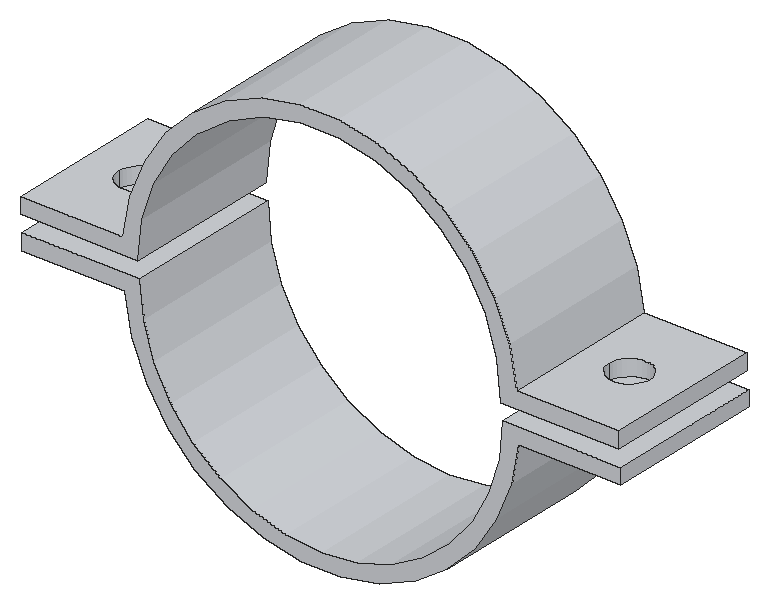
Revit family "Rohrschellen Form A, Titan HD, o.D.", category HLS-Bauteile, Revit 2017
Family settings
  Bemaßung runder Anschluss = Durchmesser verwenden
  Teiletyp = Normal
  Arbeitsebenenbasiert = Ja
  Immer vertikal = Nein
  Beim Laden mit Abzugskörper schneiden = Nein
  Gemeinsam genutzt = Ja
  Raumberechnungspunkt = Nein
Parameters (values of type "Rohrschellen Form A, Ø114, o.D.")
  vpe = "1 St"
  min. Rohraußendurchmesser = 0 mm
  max. zul. Last vertikal = 0.00 kN
  max. zul. Last horizontal = 0.00 kN
  max. Temperaturbeständigkeit = ""
  max. Rohraußendurchmesser = 0 mm
  für Gewinde = ""
  Default Elevation = 1219.2 mm
  Verschluss-Schraube = "M12"
  Verschluss = ""
  Stärke Material = 0 mm
  S = D + 2 * MD + DF2 + DVS  # 154 mm
  Rohraußendurchmesser Zoll = " Zoll"
  Rohraußendurchmesser = 108 mm
  Regelhalter [instance] = ""
  Randabstand Lochung = ""
  RM = R + MD  # 62 mm
  R = D / 2  # 57 mm
  Oberflaeche = "galvanisch verzinkt"
  Nennweite DN Rohr = 0 mm
  Mengeneinheit = "St"
  Materialmaße = "50x5,0 mm"
  Material = "Stahl"
  MD = 5 mm
  MB = 50 mm
  Lochdurchmesser = ""
  Kurztext2 = "108 mm ohne Anschluss"
  Kurztext1 = "Rohrschelle Form A Titan HD 50x5,0"
  Höhe = " mm"
  HGA = 0 mm
  H = 2 * MD + HGA + D  # 124 mm
  Gewicht pro Bauteil = Gewicht  # 0.889 kg
  Gewicht = 0.889 kg
  Firma = "MEFA Befestigungs- und Montagesysteme GmbH"
  Fabrikat = "MEFA"
  EAN = "4250928402837"
  DVS = 13 mm
  DF2 = 17 mm  # constant formula
  DF1 = 2 * C  # 34 mm
  D = 114 mm
  C = 17 mm  # constant formula
  Breite Material = ""
  Brandschutz = ""
  Baustoffklasse = ""
  Bauart = "zweiteilig"
  B = S + DF1  # 188 mm
  Artikelnummer = "0070514"
  Anschlußhöhe = " mm"
  Anschluss = "ohne Anschluss"
  Achsabstand = "148 mm"
  AB = 0 mm
  A = MD  # 5 mm
Types (18, lengths in mm): name | S | Rohraußendurchmesser | RM | R | Kurztext2 | H | Gewicht pro Bauteil | Gewicht | EAN | D | B | Artikelnummer | Achsabstand | AB
  Rohrschellen Form A, Ø108, o.D. | 148 | 108 | 59 | 54 | "108 mm ohne Anschluss" | 118 | 0.889 kg | 0.889 kg | "4250928402837" | 108 | 182 | "0070512" | "148 mm" | 0
  Rohrschellen Form A, Ø110, o.D. | 150 | 108 | 60 | 55 | "108 mm ohne Anschluss" | 120 | 0.889 kg | 0.889 kg | "4250928402837" | 110 | 184 | "0070512" | "148 mm" | 0
  Rohrschellen Form A, Ø114, o.D. | 154 | 108 | 62 | 57 | "108 mm ohne Anschluss" | 124 | 0.889 kg | 0.889 kg | "4250928402837" | 114 | 188 | "0070514" | "148 mm" | 0
  Rohrschellen Form A, Ø133, o.D. | 173 | 133 | 71.5 | 66.5 | "133 mm ohne Anschluss" | 143 | 1.048 kg | 1.048 kg | "4250928402899" | 133 | 207 | "0070581" | "173 mm" | 0
  Rohrschellen Form A, Ø135, o.D. | 175 | 133 | 72.5 | 67.5 | "133 mm ohne Anschluss" | 145 | 1.048 kg | 1.048 kg | "4250928402899" | 135 | 209 | "0070581" | "173 mm" | 0
  Rohrschellen Form A, Ø140, o.D. | 180 | 140 | 75 | 70 | "140 mm ohne Anschluss" | 150 | 1.092 kg | 1.092 kg | "4250928402929" | 140 | 214 | "0070603" | "180 mm" | 5
  Rohrschellen Form A, Ø159, o.D. | 199 | 159 | 84.5 | 79.5 | "159 mm ohne Anschluss" | 169 | 1.213 kg | 1.213 kg | "4250928402950" | 159 | 233 | "0070647" | "200 mm" | 0
  Rohrschellen Form A, Ø165, o.D. | 205 | 165 | 87.5 | 82.5 | "165 mm ohne Anschluss" | 175 | 1.251 kg | 1.251 kg | "4250928402974" | 165 | 239 | "0070686" | "205 mm" | 0
  Rohrschellen Form A, Ø168, o.D. | 208 | 168 | 89 | 84 | "168 mm ohne Anschluss" | 178 | 1.27 kg | 1.27 kg | "4250928402981" | 168 | 242 | "0070689" | "208 mm" | 0
  Rohrschellen Form A, Ø194, o.D. | 234 | 164 | 102 | 97 | "164 mm ohne Anschluss" | 204 | 1.435 kg | 1.435 kg | "4250928403018" | 194 | 268 | "0070751" | "234 mm" | 0
  Rohrschellen Form A, Ø200, o.D. | 240 | 200 | 105 | 100 | "200 mm ohne Anschluss" | 210 | 1.473 kg | 1.473 kg | "4250928403032" | 200 | 274 | "0070778" | "240 mm" | 0
  Rohrschellen Form A, Ø210, o.D. | 240 | 210 | 105 | 100 | "210 mm ohne Anschluss" | 210 | 1.537 kg | 1.537 kg | "4250928403056" | 200 | 274 | "0070786" | "250 mm" | 0
  Rohrschellen Form A, Ø219, o.D. | 259 | 219 | 114.5 | 109.5 | "219 mm ohne Anschluss" | 229 | 1.594 kg | 1.594 kg | "4250928403070" | 219 | 293 | "0070808" | "260 mm" | 0
  Rohrschellen Form A, Ø267, o.D. | 307 | 267 | 138.5 | 133.5 | "267 mm ohne Anschluss" | 277 | 1.899 kg | 1.899 kg | "4250928403094" | 267 | 341 | "0070881" | "307 mm" | 0
  Rohrschellen Form A, Ø273, o.D. | 313 | 273 | 141.5 | 136.5 | "273 mm ohne Anschluss" | 283 | 1.938 kg | 1.938 kg | "4250928403117" | 273 | 347 | "0070891" | "314 mm" | 0
  Rohrschellen Form A, Ø324, o.D. | 364 | 324 | 167 | 162 | "324 mm ohne Anschluss" | 334 | 2.262 kg | 2.262 kg | "4250928403131" | 324 | 398 | "0070945" | "364 mm" | 0
  Rohrschellen Form A, Ø356, o.D. | 396 | 365 | 183 | 178 | "365 mm ohne Anschluss" | 366 | 2.465 kg | 2.465 kg | "4250928403155" | 356 | 430 | "0070962" | "396 mm" | 0
  Rohrschellen Form A, Ø368, o.D. | 408 | 368 | 189 | 184 | "368 mm ohne Anschluss" | 378 | 2.541 kg | 2.541 kg | "4250928403179" | 368 | 442 | "0070964" | "408 mm" | 0
Reference planes
  plane 1 "Mitte (Vorne/hinten)": y = 0
  plane 2: z = 0
  plane 3 "Mitte (Links/rechts)": x = 0
  plane 4: x = 77
  plane 5: x = -77
  plane 6: x = 94
  plane 7: x = -94
  plane 8: z = 0
  plane 9: z = 0
  plane 10: z = 62
  plane 11: y = 0
Forms (mm)
  Sweep 1, solid
    path origin (-0.417, 0, 31.249) x (1, 0, 0) y (0, 0, 1)
      loop
        line (94, -28.791) -> (57, -28.791)
        arc (57, -28.791) -> (0, 28.209) -> (-57, -28.791) r 57
        line (-57, -28.791) -> (-94, -28.791)
    profile origin (-0.417, 0, 59.459) x (0, 0, -1) y (0, -1, 0)
      loop
        line (-5, -25) -> (0, -25) -> (0, 25) -> (-5, 25) -> (-5, -25)
  Sweep 2, solid
    path origin (0.209, 0, -31.298) x (1, 0, 0) y (0, 0, -1)
      loop
        line (94, -28.791) -> (57, -28.791)
        arc (57, -28.791) -> (0, 28.209) -> (-57, -28.791) r 57
        line (-57, -28.791) -> (-94, -28.791)
    profile origin (0.209, 0, -59.507) x (0, 0, -1) y (0, -1, 0)
      loop
        line (5, -25) -> (5, 25) -> (0, 25) -> (0, -25) -> (5, -25)
  Extrusion 3, void
    sketch origin (0, 0, 0) x (1, 0, 0) y (0, 1, 0)
      loop
        circle (-77, 0) r 6.5
      loop
        circle (77, 0) r 6.5
    from -50 to 50
Cuts and joins
  Extrusion 3 cuts Sweep 1
  Extrusion 3 cuts Sweep 2
Lines and regions (mm)
  model lines
    curve 1: line (15, 0, 0) -> (-15, 0, 0)
    curve 2: line (0, 0, 15) -> (0, 0, -15)
    curve 3: line (0, 15, 0) -> (0, -15, 0)
    curve 4: line (-77, 0, 15) -> (-77, 0, -15)
    curve 5: line (77, 0, 15) -> (77, 0, -15)
    curve 6: line (-92, 0, 0) -> (-62, 0, 0)
    curve 7: line (92, 0, 0) -> (62, 0, 0)
    curve 8: line (-77, 15, 0) -> (-77, -15, 0)
    curve 9: line (77, 15, 0) -> (77, -15, 0)
Dimensions and locks
  equal spacing: plane 5, plane 3 "Mitte (Links/rechts)", plane 4
  equal spacing: plane 7, plane 3 "Mitte (Links/rechts)", plane 6
  "S": plane 5 to plane 4
  "B": plane 7 to plane 6
  equal spacing: Sweep 1 sketch curve, profile plane, Sweep 1 sketch curve
  "MD": Sweep 1 sketch curve to Sweep 1 sketch curve
  "MB": Sweep 1 sketch curve to Sweep 1 sketch curve
  equal spacing: Sweep 2 sketch curve, profile plane, Sweep 2 sketch curve
  "MD": Sweep 2 sketch curve to Sweep 2 sketch curve
  "MB": Sweep 2 sketch curve to Sweep 2 sketch curve
  "AB": plane 9 to plane 8
  equal spacing: plane 9, level, plane 8
  "RM": level to plane 10
  "D": diameter of Sweep 1 sketch curve
  "D": diameter of Sweep 2 sketch curve
  "DVS": diameter of Extrusion 3 sketch curve  (x2)
  aligned and locked: level to plane 2
  aligned and locked: curve 1 to level
  aligned and locked: plane 3 "Mitte (Links/rechts)" to curve 2
  aligned and locked: curve 3 to level
Automatic sketch dimensions
  level to Sweep 1 sketch curve = 2.459 mm
  plane 7 to Sweep 1 sketch curve = 0.417 mm
  Sweep 1 sketch curve to plane 3 "Mitte (Links/rechts)" = 0.417 mm
  plane 6 to Sweep 1 sketch curve = 0.417 mm
  level to Sweep 2 sketch curve = 2.507 mm
  plane 7 to Sweep 2 sketch curve = 0.209 mm
  Sweep 2 sketch curve to plane 3 "Mitte (Links/rechts)" = 0.209 mm
  plane 6 to Sweep 2 sketch curve = 0.209 mm
  plane 1 "Mitte (Vorne/hinten)" to Extrusion 3 sketch curve = 0 mm  (x2)
  Extrusion 3 sketch curve to plane 5 = 0 mm
  Extrusion 3 sketch curve to plane 4 = 0 mm
  curve 6 to level = 0 mm
  plane 5 to curve 4 = 0 mm
  curve 7 to level = 0 mm
  plane 4 to curve 5 = 0 mm
  curve 6 to plane 7 = 2 mm
  curve 6 to plane 5 = 15 mm
  curve 1 to plane 3 "Mitte (Links/rechts)" = 15 mm
  plane 3 "Mitte (Links/rechts)" to curve 1 = 15 mm
  plane 4 to curve 7 = 15 mm
  plane 6 to curve 7 = 2 mm
  curve 5 to level = 15 mm
  curve 2 to level = 15 mm
  curve 4 to level = 15 mm
  level to curve 2 = 15 mm
  level to curve 5 = 15 mm
  level to curve 4 = 15 mm
  plane 1 "Mitte (Vorne/hinten)" to curve 3 = 15 mm
  curve 3 to plane 1 "Mitte (Vorne/hinten)" = 15 mm
  curve 8 to plane 5 = 0 mm
  curve 9 to plane 4 = 0 mm
  plane 1 "Mitte (Vorne/hinten)" to curve 8 = 15 mm
  plane 1 "Mitte (Vorne/hinten)" to curve 9 = 15 mm
  curve 8 to plane 1 "Mitte (Vorne/hinten)" = 15 mm
  curve 9 to plane 1 "Mitte (Vorne/hinten)" = 15 mm
  Sweep 1 sketch curve to profile plane = 0 mm
  Sweep 2 sketch curve to profile plane = 0 mm
